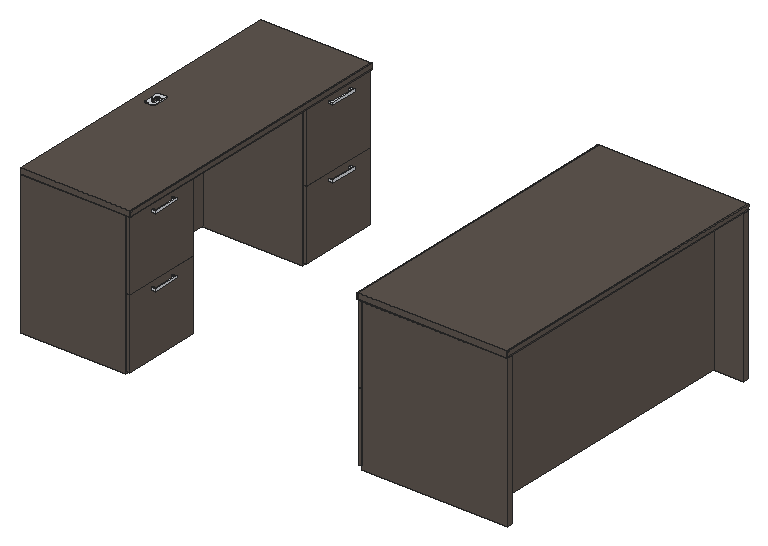
Revit family "T100293", category Furniture, Revit 2022 (continued)
Definition of nested family "OFS ELEMENT OPEN L DESK LEFT AND RIGHT 84in Width 60in Return"
  Forms (in)
    Extrusion 12, solid, material <- "Paper Organizer Material", visible <- "Left Return Desk Option"
      sketch origin (0, 0, 0) x (1, 0, 0) y (0, 1, 0)
        loop
          line (-28.0625, -19.09375) -> (-28.0625, -18.34375) -> (-40.8125, -18.34375) -> (-40.8125, -75.96875) -> (-28.0625, -75.96875) -> (-28.0625, -75.21875) -> (-40.0625, -75.21875) -> (-40.0625, -19.09375) -> (-28.0625, -19.09375)
      from 34.125 to 40.5
    Extrusion 13, solid, material <- "Paper Organizer Material", visible <- "Left Return Desk Option"
      sketch origin (0, 0, 0) x (1, 0, 0) y (0, 1, 0)
        loop
          line (-40.8125, -18.34375) -> (-40.8125, -75.96875) -> (-28.0625, -75.96875) -> (-28.0625, -18.34375) -> (-40.8125, -18.34375)
      from 39.75 to 40.5
    Extrusion 14, solid, material <- "Paper Organizer Material", visible <- "Left Return Desk Option"
      sketch origin (0, 0, 0) x (1, 0, 0) y (0, 1, 0)
        loop
          line (-40.8125, -18.34375) -> (-40.8125, -75.96875) -> (-28.0625, -75.96875) -> (-28.0625, -18.34375) -> (-40.8125, -18.34375)
      from 34.125 to 34.875
    Extrusion 15, solid, material <- "Paper Organizer Material", visible <- "Left Return Desk Option"
      sketch origin (0, 0, 0) x (1, 0, 0) y (0, 1, 0)
        loop
          line (-40.0625, -32.625) -> (-40.0625, -32.875) -> (-28.8125, -32.875) -> (-28.8125, -32.625) -> (-40.0625, -32.625)
      from 34.875 to 39.75
    Extrusion 16, solid, material <- "Paper Organizer Material", visible <- "Left Return Desk Option"
      sketch origin (0, -11.40625, 0) x (1, 0, 0) y (0, 1, 0)
        loop
          line (-40.0625, -35.625) -> (-40.0625, -35.875) -> (-28.8125, -35.875) -> (-28.8125, -35.625) -> (-40.0625, -35.625)
      from 34.875 to 39.75
    Extrusion 17, solid, material <- "Paper Organizer Material", visible <- "Left Return Desk Option"
      sketch origin (0, -22.8125, 0) x (1, 0, 0) y (0, 1, 0)
        loop
          line (-40.0625, -38.625) -> (-40.0625, -38.875) -> (-28.8125, -38.875) -> (-28.8125, -38.625) -> (-40.0625, -38.625)
      from 34.875 to 39.75
    Extrusion 18, solid, material <- "Chassis Material", visible <- "Right Return Desk Option"
      sketch origin (0, 0, 0) x (-1, 0, 0) y (0, -1, 0)
        loop
          line (-42, 17.15625) -> (-20, 17.15625) -> (-20, 18.34375) -> (-40.8125, 18.34375) -> (-40.8125, 75.96875) -> (-20, 75.96875) -> (-20, 77.15625) -> (-42, 77.15625) -> (-42, 17.15625)
      from 0 to 40.5
    Extrusion 19, solid, material <- "Worksurface Material", visible <- "Right Return Desk Option"
      sketch origin (-14.83926, -32.43958, 0) x (-1, 0, 0) y (0, -1, 0)
        loop
          line (-55.65176, -14.09583) -> (-34.83926, -14.09583) -> (-34.83926, 43.52917) -> (-55.65176, 43.52917) -> (-55.65176, -14.09583)
      from 28.5 to 29.5
    Extrusion 20, solid, material <- "Paper Organizer Material", visible <- "Right Return Desk Option"
      sketch origin (0, 0, 0) x (-1, 0, 0) y (0, -1, 0)
        loop
          line (-28.0625, 19.09375) -> (-40.0625, 19.09375) -> (-40.0625, 75.21875) -> (-28.0625, 75.21875) -> (-28.0625, 75.96875) -> (-40.8125, 75.96875) -> (-40.8125, 18.34375) -> (-28.0625, 18.34375) -> (-28.0625, 19.09375)
      from 34.125 to 40.5
    Extrusion 21, solid, material <- "Paper Organizer Material", visible <- "Right Return Desk Option"
      sketch origin (0, 0, 0) x (-1, 0, 0) y (0, -1, 0)
        loop
          line (-40.8125, 18.34375) -> (-28.0625, 18.34375) -> (-28.0625, 75.96875) -> (-40.8125, 75.96875) -> (-40.8125, 18.34375)
      from 39.75 to 40.5
    Extrusion 22, solid, material <- "Paper Organizer Material", visible <- "Right Return Desk Option"
      sketch origin (0, 0, 0) x (-1, 0, 0) y (0, -1, 0)
        loop
          line (-40.8125, 18.34375) -> (-28.0625, 18.34375) -> (-28.0625, 75.96875) -> (-40.8125, 75.96875) -> (-40.8125, 18.34375)
      from 34.125 to 34.875
    Extrusion 23, solid, material <- "Paper Organizer Material", visible <- "Right Return Desk Option"
      sketch origin (0, 0, 0) x (-1, 0, 0) y (0, -1, 0)
        loop
          line (-40.0625, 32.625) -> (-28.8125, 32.625) -> (-28.8125, 32.875) -> (-40.0625, 32.875) -> (-40.0625, 32.625)
      from 34.875 to 39.75
    Extrusion 24, solid, material <- "Paper Organizer Material", visible <- "Right Return Desk Option"
      sketch origin (0, -11.40625, 0) x (-1, 0, 0) y (0, -1, 0)
        loop
          line (-40.0625, 35.625) -> (-28.8125, 35.625) -> (-28.8125, 35.875) -> (-40.0625, 35.875) -> (-40.0625, 35.625)
      from 34.875 to 39.75
    Extrusion 25, solid, material <- "Paper Organizer Material", visible <- "Right Return Desk Option"
      sketch origin (0, -22.8125, 0) x (-1, 0, 0) y (0, -1, 0)
        loop
          line (-40.0625, 38.625) -> (-28.8125, 38.625) -> (-28.8125, 38.875) -> (-40.0625, 38.875) -> (-40.0625, 38.625)
      from 34.875 to 39.75
    Extrusion 26, solid, material <- "Worksurface Material", visible <- "Right Return Desk Option"
      sketch origin (0, 0, 0) x (-1, 0, 0) y (0, -1, 0)
        loop
          line (-36, -11.65625) -> (40.8125, -11.65625) -> (40.8125, 17.15625) -> (-42, 17.15625) -> (-42, -5.65625)
          arc (-42, -5.65625) -> (-40.24264, -9.89889) -> (-36, -11.65625) r 6
      from 28.5 to 29.5
    Extrusion 27, solid, material <- "Chassis Material", visible <- "Right Return Desk Option"
      sketch origin (0, 0, 0) x (-1, 0, 0) y (0, -1, 0)
        loop
          line (42, -12.84375) -> (42, 17.15625) -> (40.8125, 17.15625) -> (40.8125, -11.65625) -> (0, -11.65625) -> (0, -12.84375) -> (42, -12.84375)
      from 0 to 40.5
    Extrusion 28, solid, material <- "Transaction Shelf Material", visible <- "Right Return Desk Option"
      sketch origin (0, 0, 6) x (-1, 0, 0) y (0, -1, 0)
        loop
          line (0, -17.15625) -> (42, -17.15625) -> (42, -3.65625) -> (0, -3.65625) -> (0, -17.15625)
      from 37.875 to 39
    Extrusion 29, solid, material <- "Standoffs Material", visible <- "Right Return Desk Option"
      sketch origin (-44.5, 0, 0) x (-1, 0, 0) y (0, -1, 0)
        loop
          circle (-41.875, -10.04085) r 0.625
      from 40.5 to 43.875
    Extrusion 30, solid, material <- "Standoffs Material", visible <- "Right Return Desk Option"
      sketch origin (-44.5, -4.75, 0) x (-1, 0, 0) y (0, -1, 0)
        loop
          circle (-41.875, -10.04085) r 0.625
      from 40.5 to 43.875
    Extrusion 31, solid, material <- "Standoffs Material", visible <- "Right Return Desk Option"
      sketch origin (-66.75, 0, 0) x (-1, 0, 0) y (0, -1, 0)
        loop
          circle (-27.375, -10.04085) r 0.625
      from 40.5 to 43.875
    Extrusion 32, solid, material <- "Standoffs Material", visible <- "Right Return Desk Option"
      sketch origin (-66.75, -4.75, 0) x (-1, 0, 0) y (0, -1, 0)
        loop
          circle (-27.375, -10.04085) r 0.625
      from 40.5 to 43.875
    Extrusion 33, solid, material <- "Chassis Material", visible <- "Right Return Desk Option"
      sketch origin (18.5848, -3.95032, 0) x (-1, 0, 0) y (0, -1, 0)
        loop
          line (19.7723, -15.60657) -> (19.7723, -3.95032) -> (18.5848, -3.95032) -> (18.5848, -15.60657) -> (19.7723, -15.60657)
      from 0 to 28.5
    Extrusion 34, solid, material <- "Chassis Material", visible <- "Right Return Desk Option"
      sketch origin (0, 0, 6) x (-1, 0, 0) y (0, -1, 0)
        loop
          line (0, -11.65625) -> (40.8125, -11.65625) -> (40.8125, -3.65625) -> (0, -3.65625) -> (0, -11.65625)
      from 33.375 to 34.5
    Extrusion 35, solid, material <- "Desk Overlay Material", visible <- "Right Desk Ovelay"
      sketch origin (0, 0, 0) x (-1, 0, 0) y (0, 0, -1)
        loop
          line (35.5, -34) -> (35.5, -6.5) -> (6.5, -6.5) -> (6.5, -34) -> (35.5, -34)
      from -12.96875 to -12.84375
    Extrusion 36, solid, material <- "Worksurface Material", visible <- "Left Return Desk Option"
      sketch origin (0, 0, 0) x (1, 0, 0) y (0, 1, 0)
        loop
          arc (-36, 11.65625) -> (-40.24264, 9.89889) -> (-42, 5.65625) r 6
          line (-42, 5.65625) -> (-42, -17.15625) -> (40.8125, -17.15625) -> (40.8125, 11.65625) -> (-36, 11.65625)
      from 28.5 to 29.5
  Cuts and joins
    joined: Extrusion 12, Extrusion 13, Extrusion 14
    joined: Extrusion 20, Extrusion 21, Extrusion 22
  Dimensions and locks (in)
    equal spacing: plane 7 "Left External", plane 3 "Center Left/Right", plane 5 "Right External"
    "Width": plane 7 "Left External" to plane 5 "Right External"
    equal spacing: plane 6 "Front External", plane 1 "Center Front/Back", plane 4 "Back External"
    "Desk Depth": plane 4 "Back External" to plane 6 "Front External"
    plane 8 "Seat Height" to level = 29 1/2"
    "Height": plane 9 "Height" to level
    "Lateral Board Thickness": plane 7 "Left External" to plane 11
    "Lateral Board Thickness": plane 10 to plane 5 "Right External"
    "Base Depth": plane 12 to plane 6 "Front External"
    "Back Board Thickness": plane 12 to plane 13
    "Table Depth": plane 4 "Back External" to plane 14
    plane 15 to level = 40 1/2"
    "Bottom Board Offset": plane 19 to level
    "Table Supp from Lateral": plane 5 "Right External" to plane 20
    "Table Supp from Lateral": plane 21 to plane 3 "Center Left/Right"
    "Desk Overlay": plane 5 "Right External" to plane 22
    "Desk Overlay": plane 24 to plane 15
    "Desk Overlay": plane 19 to plane 23
    "Desk Overlay Thickness": plane 25 to plane 12
    "Depth": plane 4 "Back External" to plane 26
    "Return Worksurface Width": plane 7 "Left External" to plane 27
    "Return Worksurface Width": plane 28 to plane 5 "Right External"
    "Back Board Thickness": plane 29 to plane 26
    plane 7 "Left External" to plane 30 = 5"
    plane 31 to plane 5 "Right External" = 5"
    equal spacing: plane 34, plane 43, plane 32, plane 42, plane 29
    "Desk Overlay": plane 33 to plane 3 "Center Left/Right"
    "Back Board Thickness": plane 6 "Front External" to plane 34
    "Paper Organizer Board Thickness": plane 34 to plane 37
    "Paper Organizer Board Thickness": plane 11 to plane 36
    "Paper Organizer Board Thickness": plane 35 to plane 29
    "Paper Organizer Depth": plane 11 to plane 38
    "Paper Organizer Clearance": plane 39 to plane 8 "Seat Height"
    "Paper Organizer Board Thickness": plane 15 to plane 40
    "Paper Organizer Board Thickness": plane 41 to plane 39
    "Paper Organizer Board Thickness": plane 44 to plane 38
    "Return Worksurface Width": plane 5 "Right External" to plane 45
    plane 29 to plane 26 = 1 3/16"
    plane 5 "Right External" to plane 46 = 5"
    plane 34 to plane 50 to plane 32 to plane 49 to plane 29 = 14 13/32", 14 13/32", 14 13/32", 14 13/32"
    "Paper Organizer Board Thickness": plane 34 to plane 47
    plane 35 to plane 29 = 3/4"
    "Paper Organizer Depth": plane 10 to plane 48
    "Paper Organizer Board Thickness": plane 51 to plane 48
    "Table Supp from Lateral": plane 53 to plane 3 "Center Left/Right"
    "Table Supp from Lateral": plane 7 "Left External" to plane 52
    locked: plane 7 "Left External" to plane 54 at 6.5
    aligned and locked: level to plane 2
    aligned and locked: Extrusion 1 sketch curve to plane 12
    aligned and locked: plane 5 "Right External" to Extrusion 1 sketch curve
    aligned and locked: Extrusion 1 sketch curve to plane 13
    aligned and locked: Extrusion 1 to plane 19
    aligned and locked: Extrusion 2 to plane 18
    aligned and locked: plane 10 to Extrusion 2
    aligned and locked: Extrusion 2 to plane 13
    aligned and locked: Extrusion 2 to plane 14
    aligned and locked: Extrusion 3 to plane 14
    aligned and locked: Extrusion 3 to plane 4 "Back External"
    aligned and locked: Extrusion 3 to plane 9 "Height"
    aligned and locked: Extrusion 3 to plane 17
    aligned and locked: plane 5 "Right External" to Extrusion 3
    aligned and locked: Extrusion 8 sketch curve to plane 29
    aligned and locked: plane 27 to Extrusion 8 sketch curve
    aligned and locked: plane 26 to Extrusion 8 sketch curve
    aligned and locked: Extrusion 8 sketch curve to plane 6 "Front External"
    aligned and locked: plane 11 to Extrusion 9
    aligned and locked: Extrusion 9 to plane 27
    aligned and locked: Extrusion 9 to plane 29
    aligned and locked: Extrusion 8 to plane 19
    aligned and locked: plane 15 to Extrusion 8
    aligned and locked: Extrusion 3 to plane 3 "Center Left/Right"
    aligned and locked: Extrusion 2 to plane 3 "Center Left/Right"
    aligned and locked: Extrusion 10 to plane 33
    aligned and locked: Extrusion 10 to plane 22
    aligned and locked: Extrusion 8 sketch curve to plane 34
    aligned and locked: Extrusion 9 to Extrusion 8 sketch curve
    aligned and locked: Extrusion 9 to Extrusion 8
    aligned and locked: plane 37 to Extrusion 12 sketch curve
    aligned and locked: plane 36 to Extrusion 12 sketch curve
    aligned and locked: Extrusion 12 sketch curve to plane 35
    aligned and locked: Extrusion 12 sketch curve to Extrusion 8  (x3)
    aligned and locked: plane 38 to Extrusion 12 sketch curve  (x2)
    aligned and locked: plane 15 to Extrusion 12
    aligned and locked: Extrusion 12 to plane 39
    aligned and locked: Extrusion 13 sketch curve to Extrusion 8  (x2)
    aligned and locked: Extrusion 13 sketch curve to Extrusion 12  (x2)
    aligned and locked: Extrusion 13 to plane 40
    aligned and locked: plane 15 to Extrusion 13
    aligned and locked: Extrusion 14 sketch curve to Extrusion 8  (x2)
    aligned and locked: plane 29 to Extrusion 14 sketch curve
    aligned and locked: Extrusion 14 sketch curve to plane 38
    aligned and locked: Extrusion 14 to plane 39
    aligned and locked: plane 41 to Extrusion 14
    aligned and locked: Extrusion 15 to plane 41
    aligned and locked: Extrusion 16 to plane 41
    aligned and locked: Extrusion 17 to plane 41
    aligned and locked: plane 40 to Extrusion 15
    aligned and locked: plane 40 to Extrusion 16
    aligned and locked: plane 40 to Extrusion 17
    aligned and locked: plane 29 to Extrusion 18 sketch curve
    aligned and locked: plane 45 to Extrusion 18 sketch curve
    aligned and locked: Extrusion 18 sketch curve to plane 26
    aligned and locked: plane 45 to Extrusion 19
    aligned and locked: plane 29 to Extrusion 19
    aligned and locked: Extrusion 18 sketch curve to plane 34
    aligned and locked: Extrusion 19 to Extrusion 18 sketch curve
    aligned and locked: Extrusion 18 to Extrusion 19
    aligned and locked: Extrusion 20 sketch curve to plane 47
    aligned and locked: plane 35 to Extrusion 20 sketch curve
    aligned and locked: Extrusion 18 to Extrusion 20 sketch curve
    aligned and locked: Extrusion 20 sketch curve to Extrusion 18  (x2)
    aligned and locked: Extrusion 20 sketch curve to plane 48
    aligned and locked: plane 48 to Extrusion 20 sketch curve
    aligned and locked: Extrusion 21 sketch curve to Extrusion 18  (x2)
    aligned and locked: Extrusion 21 sketch curve to Extrusion 20  (x2)
    aligned and locked: Extrusion 22 sketch curve to Extrusion 18  (x2)
    aligned and locked: Extrusion 22 sketch curve to plane 29
    aligned and locked: plane 48 to Extrusion 22 sketch curve
    aligned and locked: Extrusion 26 to Extrusion 27 sketch curve
    aligned and locked: Extrusion 27 sketch curve to Extrusion 26
    aligned and locked: Extrusion 26 to Extrusion 33
    aligned and locked: plane 55 to Extrusion 35
    aligned and locked: plane 54 to Extrusion 35
  Automatic sketch dimensions
    Extrusion 1 sketch curve to plane 3 "Center Left/Right" = 0"
    plane 6 "Front External" to Extrusion 1 sketch curve = 0"
    Extrusion 1 sketch curve to plane 10 = 0"
    Extrusion 2 sketch curve to plane 3 "Center Left/Right" = 0"
    Extrusion 2 sketch curve to plane 10 = 0"
    Extrusion 2 sketch curve to plane 14 = 0"
    Extrusion 2 sketch curve to plane 13 = 0"
    Extrusion 3 sketch curve to plane 3 "Center Left/Right" = 0"
    Extrusion 3 sketch curve to plane 5 "Right External" = 0"
    Extrusion 3 sketch curve to plane 14 = 0"
    Extrusion 3 sketch curve to plane 4 "Back External" = 0"
    Extrusion 4 sketch curve to plane 21 = 0"
    Extrusion 4 sketch curve to plane 13 = 1.6154"
    Extrusion 5 sketch curve to plane 21 = 0"
    plane 14 to Extrusion 5 sketch curve = 1.6346"
    Extrusion 6 sketch curve to plane 20 = 0"
    Extrusion 6 sketch curve to plane 13 = 1.6154"
    Extrusion 7 sketch curve to plane 20 = 0"
    plane 14 to Extrusion 7 sketch curve = 1.6346"
    Extrusion 8 sketch curve to plane 7 "Left External" = 0"
    Extrusion 8 sketch curve to plane 11 = 0"
    Extrusion 9 sketch curve to plane 11 = 0"
    Extrusion 9 sketch curve to plane 27 = 0"
    Extrusion 9 sketch curve to plane 29 = 0"
    Extrusion 9 sketch curve to plane 34 = 0"
    Extrusion 10 sketch curve to plane 24 = 0"
    Extrusion 10 sketch curve to plane 33 = 0"
    plane 22 to Extrusion 10 sketch curve = 0"
    Extrusion 10 sketch curve to plane 23 = 0"
    Extrusion 11 sketch curve to plane 3 "Center Left/Right" = 0"
    plane 1 "Center Front/Back" to Extrusion 11 sketch curve = 0"
    Extrusion 11 sketch curve to plane 13 = 0"
    Extrusion 11 sketch curve to Extrusion 11 sketch curve = 1 3/16"
    Extrusion 12 sketch curve to plane 37 = 0"
    Extrusion 15 sketch curve to plane 36 = 0"
    Extrusion 15 sketch curve to plane 44 = 0"
    Extrusion 15 sketch curve to plane 43 = 1/8"
    plane 43 to Extrusion 15 sketch curve = 1/8"
    Extrusion 16 sketch curve to plane 36 = 0"
    Extrusion 16 sketch curve to plane 44 = 0"
    Extrusion 16 sketch curve to plane 32 = 1/8"
    plane 32 to Extrusion 16 sketch curve = 1/8"
    Extrusion 17 sketch curve to plane 36 = 0"
    Extrusion 17 sketch curve to plane 44 = 0"
    Extrusion 17 sketch curve to plane 42 = 1/8"
    plane 42 to Extrusion 17 sketch curve = 1/8"
    Extrusion 18 sketch curve to plane 5 "Right External" = 0"
    Extrusion 18 sketch curve to plane 10 = 0"
    Extrusion 18 sketch curve to plane 6 "Front External" = 0"
    Extrusion 19 sketch curve to plane 10 = 0"
    Extrusion 19 sketch curve to plane 28 = 0"
    Extrusion 19 sketch curve to plane 29 = 0"
    plane 34 to Extrusion 19 sketch curve = 0"
    plane 37 to Extrusion 20 sketch curve = 0"
    plane 20 to Extrusion 20 sketch curve = 11/16"
    Extrusion 23 sketch curve to plane 51 = 0"
    plane 43 to Extrusion 23 sketch curve = 1/8"
    Extrusion 23 sketch curve to plane 43 = 1/8"
    plane 20 to Extrusion 23 sketch curve = 11/16"
    Extrusion 24 sketch curve to plane 51 = 0"
    plane 32 to Extrusion 24 sketch curve = 1/8"
    Extrusion 24 sketch curve to plane 32 = 1/8"
    plane 20 to Extrusion 24 sketch curve = 11/16"
    Extrusion 25 sketch curve to plane 51 = 0"
    plane 42 to Extrusion 25 sketch curve = 1/8"
    Extrusion 25 sketch curve to plane 42 = 1/8"
    plane 20 to Extrusion 25 sketch curve = 11/16"
    Extrusion 26 sketch curve to plane 5 "Right External" = 0"
    Extrusion 26 sketch curve to plane 13 = 0"
    Extrusion 26 sketch curve to plane 11 = 0"
    Extrusion 26 sketch curve to plane 6 "Front External" = 0"
    plane 22 to Extrusion 26 sketch curve = 1/2"
    Extrusion 27 sketch curve to plane 3 "Center Left/Right" = 0"
    Extrusion 27 sketch curve to plane 7 "Left External" = 0"
    Extrusion 27 sketch curve to plane 13 = 0"
    Extrusion 27 sketch curve to plane 12 = 0"
    Extrusion 28 sketch curve to plane 3 "Center Left/Right" = 0"
    Extrusion 28 sketch curve to plane 7 "Left External" = 0"
    Extrusion 28 sketch curve to plane 4 "Back External" = 0"
    Extrusion 28 sketch curve to plane 14 = 0"
    Extrusion 29 sketch curve to plane 53 = 0"
    plane 13 to Extrusion 29 sketch curve = 1.6154"
    Extrusion 30 sketch curve to plane 53 = 0"
    Extrusion 30 sketch curve to plane 14 = 1.6346"
    Extrusion 31 sketch curve to plane 52 = 0"
    plane 13 to Extrusion 31 sketch curve = 1.6154"
    Extrusion 32 sketch curve to plane 52 = 0"
    Extrusion 32 sketch curve to plane 14 = 1.6346"
    Extrusion 33 sketch curve to plane 3 "Center Left/Right" = 0"
    plane 1 "Center Front/Back" to Extrusion 33 sketch curve = 0"
    Extrusion 33 sketch curve to plane 13 = 0"
    Extrusion 33 sketch curve to Extrusion 33 sketch curve = 1 3/16"
    Extrusion 34 sketch curve to plane 3 "Center Left/Right" = 0"
    Extrusion 34 sketch curve to plane 11 = 0"
    Extrusion 34 sketch curve to plane 13 = 0"
    Extrusion 34 sketch curve to plane 14 = 0"
    Extrusion 35 sketch curve to plane 24 = 0"
    plane 55 to Extrusion 35 sketch curve = 0"
    Extrusion 35 sketch curve to plane 23 = 0"
    plane 54 to Extrusion 35 sketch curve = 0"
    Extrusion 36 sketch curve to plane 7 "Left External" = 0"
    Extrusion 36 sketch curve to plane 13 = 0"
    Extrusion 36 sketch curve to plane 10 = 0"
    plane 6 "Front External" to Extrusion 36 sketch curve = 0"
    Extrusion 36 sketch curve to plane 54 = 1/2"
    radius of Extrusion 4 sketch curve = 5/8"
    radius of Extrusion 5 sketch curve = 5/8"
    radius of Extrusion 6 sketch curve = 5/8"
    radius of Extrusion 7 sketch curve = 5/8"
    radius of Extrusion 29 sketch curve = 5/8"
    radius of Extrusion 30 sketch curve = 5/8"
    radius of Extrusion 31 sketch curve = 5/8"
    radius of Extrusion 32 sketch curve = 5/8"
Types (3): name | Description
  (no name) | "OFS TYPICAL T100293"
  T200 | "OFS TYPICAL T200"
  T100293 | "OFS TYPICAL T100293"
